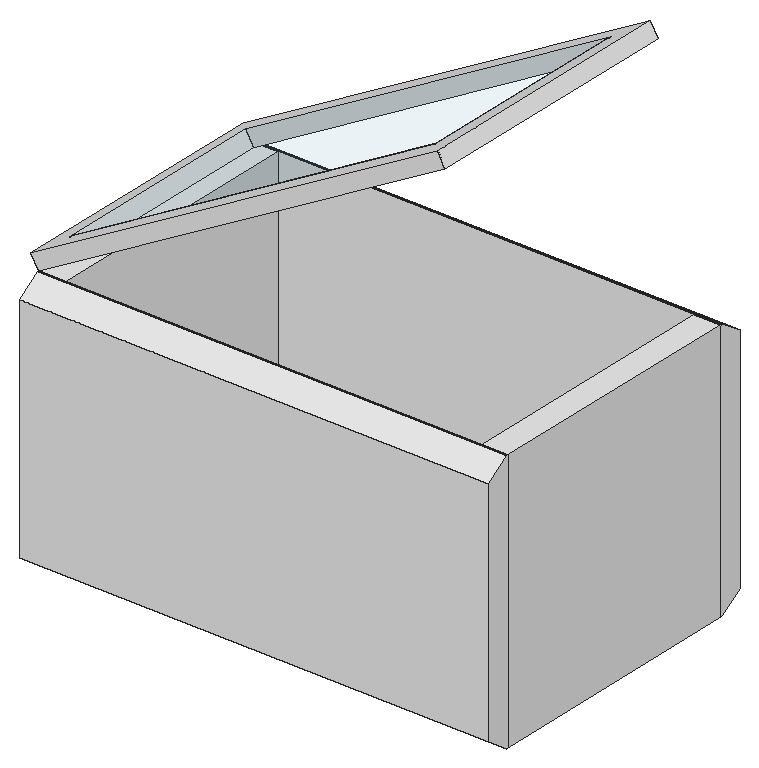
Revit family "Domotics-CablaggioStrutturato-GEWISS-QUADRI_PARETE_19_6U_P400", category Apparecchi elettrici, host Superficie, Revit 2019
Family settings
  Host = Superficie
  Mantenere orientamento annotazione = Sì
  Quota connettore circolare = Usa diametro
  Tipo di parte = Normale
  Taglio con vuoti quando caricato = No
  Condiviso = No
  Punto di calcolo locali = Sì
Parameters (values of type "GW38406 - QUADRO DA PARETE 19' 6U P= 400MM.")
  simbolo in pianta [instance] = yes
  p_quadro = 263 mm
  h_quadro = 400 mm
  d_nome quadro [instance] = 560.553 mm
  a = 15.00°
  Visibilità sportello [instance] = yes
  Versione file RFA = "21.2"
  UnitÃ  di cablaggio = "6 U"
  URL = "https://www.gewiss.com/it/it"
  Tipologia porta = "Reversibile"
  Scheda Tecnica = "https://www.gewiss.com/it/it/search?q=GW38406"
  SEO = "Quadro"
  Default Elevation = 1219.2 mm
  ProfonditÃ  (mm) = "400 mm"
  Produttore = "GEWISS S.p.A."
  Portata statica = "50KG"
  Nome quadro [instance] = "n.quadro"
  N. montanti = "2"
  Modello = "GW38406"
  Materiale = "Acciaio"
  L_quadro = 325 mm
  Immagine tipo = B.jpg
  IDT = "1607453e44e34c9e8499f282ce5acb34"
  IDF = "1b698a6c-7a05-496e-9209-83a3675877ec"
  Grado di protezione = "IP20"
  Finitura = "Bucciata"
  Distanza_x [instance] = 200 mm
  Distanza simbolo [instance] = 0.5 mm
  Distanza effettiva x [instance] = 1000 mm - Distanza_x  # 800 mm
  Dim. esterne BxHxP (mm) = "600x335x400"
  Descrizione = "QUADRO DA PARETE 19 6U P= 400MM."
  Creato da GEWISS S.p.A. = ""
  Colore = "Grigio (RAL 7035)"
  Codice Electrocod = "3752"
  Categoria = "Quadro da parete 19\""
  Catalogo = "DOMOTICS"
  COBie.Tagnumber = ""
  COBie.CreatedOn = ""
  COBie.CreatebBy = ""
  COBie.ComponentRegisterItemID = ""
  COBie.Component.TagNumber = ""
  COBie.Component.Space = ""
  COBie.Component.SerialNumber = ""
  COBie.Component.InstallationDate = ""
  COBie.Component.Description = ""
  COBie.Component.BarCode = ""
  Apertura porta = "180°"
  Apertura [instance] = 30.00°
Reference planes
  plane 1 "Centro (Fronte/Retro)": y = 0
  plane 2: z = 0
  plane 3 "Centro (Sinistra/Destra)": x = 0
  plane 4: x = -1380.34
  plane 5: x = -580.34
Forms (mm)
  Extrusion 1, solid, detail levels coarse
    sketch origin (0, 0, 0) x (1, 0, 0) y (0, 1, 0)
      loop
        line (-10, 0) -> (600, 0) -> (600, 400) -> (-10, 400) -> (-10, 0)
    from 0 to 315.704
Dimensions and locks
  plane 4 to plane 3 "Centro (Sinistra/Destra)" = 1380.34 mm
  "Distanza effettiva x": plane 4 to plane 5
  aligned and locked: host face to plane 2
  aligned and locked: host face to level
  aligned and locked: nested 1 to plane 5
  aligned and locked: plane 3 "Centro (Sinistra/Destra)" to nested 2
  aligned and locked: plane 1 "Centro (Fronte/Retro)" to nested 2
  aligned and locked: Extrusion 1 sketch curve to nested 2  (x3)
  aligned and locked: Extrusion 1 to nested 2
Automatic sketch dimensions
  host sketch curve to host sketch curve = 3398.537 mm
  host sketch curve to host sketch curve = 3619.2 mm
  Extrusion 1 sketch curve to plane 3 "Centro (Sinistra/Destra)" = 10 mm
Nested families
  nested 1: "DATACENTERsimbolo" at (-580.34, 911.19, 0), Distanza dal muro <- "Distanza simbolo", SIMBOLO ACCESO <- "simbolo in pianta", visible <- "simbolo in pianta", type "3P"
    with SIMBOLO ACCESO yes, Distanza dal muro 0.5 mm
  nested 2: "DATACENTER QUADRO PARETE 6U P400mm_base" at (0, 0, 0), type "DATACENTER QUADRO PARETE 6U P400mm_base", detail levels medium+fine
Connectors
  electrical at (300, 400, 167.5)
    settings: on nested 2, index 1, voltage 0 V, apparent load 0 VA, apparent load phase1 0 VA, apparent load phase2 0 VA, apparent load phase3 0 VA, power factor 1, load classification "Altro", number of poles 1, system type 31, power factor state 1, is connector primary yes, connector utility no, sub classification motor no, connector description ""
Definition of nested family "DATACENTER QUADRO PARETE 6U P400mm_base"
  Parameters (values of type "DATACENTER QUADRO PARETE 6U P400mm_base")
    s = 30.00°
    d_piano = 0 mm
    Vetro = none
    Struttura = none
    Sportlello = none
    Sportello visibile = yes
    Profondità quadro = 335 mm  # constant formula
    Larghezza quadro = 600 mm  # constant formula
    Altezza quadro = 400 mm  # constant formula
  Reference planes
    plane 1 "Centro (Fronte/Retro)": y = 0
    plane 2: z = 0
    plane 3 "Centro (Sinistra/Destra)": x = 0
    plane 4: z = 0
    plane 5: z = 26
    plane 6: z = 311
    plane 7: z = 335
    plane 8 "posizione": y = 30
    plane 9: y = 370
    plane 10: y = 400
    plane 11: x = 600
    plane 12: x = 34
    plane 13: x = 566
    plane 14: y = -4.25
    plane 15: y = 404
    plane 16: z = 310.1
    plane 17: z = 280.6
    plane 18: x = 69.137
    plane 19: z = 57.064
    plane 20: z = 555.625
  Forms (mm)
    Extrusion 1, solid, material <- "Struttura"
      sketch origin (0, 0, 0) x (0, 1, 0) y (0, 0, 1)
        loop
          line (30, 335) -> (30, 0) -> (370, 0) -> (370, 335) -> (30, 335)
      from 0 to 34
    Extrusion 2, solid, material <- "Struttura"
      sketch origin (612, 0, 0) x (0, 1, 0) y (0, 0, -1)
        loop
          line (30, -335) -> (370, -335) -> (370, 0) -> (30, 0) -> (30, -335)
      from 12 to 46
    Extrusion 3, solid, material <- "Struttura"
      sketch origin (0, 0, 0) x (0, 1, 0) y (0, 0, 1)
        loop
          line (30, 0) -> (30, 335) -> (27.558, 335) -> (0, 315.704) -> (0, 19.296) -> (27.558, 0) -> (30, 0)
        loop
          line (370, 0) -> (372.442, 0) -> (400, 19.296) -> (400, 315.704) -> (372.442, 335) -> (370, 335) -> (370, 0)
      from 0 to 600
    Extrusion 4, solid, material <- "Struttura"
      sketch origin (0, 0, 0) x (1, 0, 0) y (0, 1, 0)
        loop
          line (34, 370) -> (34, 30) -> (566, 30) -> (566, 370) -> (34, 370)
      from 0 to 26
    Extrusion 5, solid, material <- "Sportlello", visible <- "Sportello visibile"
      sketch origin (731.334, 0, 757.236) x (-0.866025, 0, -0.5) y (0, -1, 0)
        loop
          line (844.471, -30) -> (244.471, -30) -> (244.471, -370) -> (844.471, -370) -> (844.471, -30)
        loop
          line (274.471, -340) -> (814.471, -340) -> (814.471, -60) -> (274.471, -60) -> (274.471, -340)
      from 0 to 20
    Extrusion 6, solid, material <- "Vetro", visible <- "Sportello visibile"
      sketch origin (731.334, 0, 757.236) x (-0.866025, 0, -0.5) y (0, -1, 0)
        loop
          line (814.471, -60) -> (274.471, -60) -> (274.471, -340) -> (814.471, -340) -> (814.471, -60)
      from 0 to 20
  Lines and regions (mm)
    reference lines
      curve 1: line (731.334, 0, 757.236) -> (0, 0, 335)
  Dimensions and locks
    locked: plane 5 to plane 4 at 26
    locked: plane 7 to plane 6 at 24
    "Profondità quadro": plane 7 to plane 4
    "d_piano": plane 4 to plane 2
    locked: plane 1 "Centro (Fronte/Retro)" to plane 8 "posizione" at 30
    locked: plane 9 to plane 10 at 30
    "Altezza quadro": plane 1 "Centro (Fronte/Retro)" to plane 10
    "Larghezza quadro": plane 3 "Centro (Sinistra/Destra)" to plane 11
    locked: plane 3 "Centro (Sinistra/Destra)" to plane 12 at 34
    locked: plane 13 to plane 11 at 34
    plane 9 to Extrusion 2 = 340 mm
    locked: plane 14 to plane 1 "Centro (Fronte/Retro)" at 4.25
    locked: plane 10 to plane 15 at 4
    locked: plane 17 to plane 16 at 29.5
    locked: plane 16 to plane 7 at 24.9
    locked: plane 19 to plane 5 at 31.064
    plane 3 "Centro (Sinistra/Destra)" to Extrusion 4 = 566 mm
    locked: Extrusion 5 sketch curve to curve 1 at 30
    "Larghezza quadro": Extrusion 5 sketch curve to Extrusion 5 sketch curve
    locked: Extrusion 5 sketch curve to Extrusion 5 sketch curve at 30  (x4)
    "s": angle plane 7 to curve 1
    aligned and locked: Extrusion 1 sketch curve to plane 7
    aligned and locked: Extrusion 1 sketch curve to plane 4
    aligned and locked: Extrusion 1 sketch curve to plane 8 "posizione"
    aligned and locked: Extrusion 1 sketch curve to plane 9
    aligned and locked: Extrusion 1 to plane 3 "Centro (Sinistra/Destra)"
    aligned and locked: plane 12 to Extrusion 1
    aligned and locked: plane 13 to Extrusion 2
    aligned and locked: Extrusion 2 to plane 11
    aligned and locked: Extrusion 2 to plane 4
    aligned and locked: plane 7 to Extrusion 2
    aligned and locked: Extrusion 3 sketch curve to plane 8 "posizione"
    aligned and locked: Extrusion 3 sketch curve to plane 7
    aligned and locked: Extrusion 3 sketch curve to plane 1 "Centro (Fronte/Retro)"
    aligned and locked: Extrusion 3 sketch curve to plane 10
    aligned and locked: Extrusion 3 sketch curve to plane 9
    aligned and locked: plane 7 to Extrusion 3 sketch curve
    aligned and locked: Extrusion 3 sketch curve to plane 4
    aligned and locked: Extrusion 3 to plane 3 "Centro (Sinistra/Destra)"
    aligned and locked: Extrusion 3 to plane 11
    aligned and locked: Extrusion 4 sketch curve to plane 12
    aligned and locked: Extrusion 4 sketch curve to plane 9
    aligned and locked: Extrusion 4 sketch curve to plane 8 "posizione"
    aligned and locked: Extrusion 4 sketch curve to plane 13
    aligned and locked: plane 5 to Extrusion 4
    aligned and locked: Extrusion 4 to plane 4
    aligned and locked: curve 1 to Extrusion 3
    aligned and locked: Extrusion 6 sketch curve to Extrusion 5  (x3)
    aligned and locked: Extrusion 5 sketch curve to Extrusion 3
  Automatic sketch dimensions
    plane 7 to Extrusion 2 sketch curve = 0 mm
    Extrusion 2 sketch curve to plane 8 "posizione" = 0 mm
    Extrusion 2 sketch curve to plane 4 = 0 mm
    Extrusion 2 sketch curve to plane 9 = 0 mm
    plane 8 "posizione" to Extrusion 3 sketch curve = 2.442 mm  (x2)
    Extrusion 3 sketch curve to plane 9 = 2.442 mm  (x2)
    Extrusion 3 sketch curve to plane 5 = 6.704 mm  (x2)
    plane 6 to Extrusion 3 sketch curve = 4.704 mm  (x2)
    Extrusion 3 sketch curve to plane 4 = 0 mm
    Extrusion 6 sketch curve to curve 1 = 30 mm
    curve 1 to plane 3 "Centro (Sinistra/Destra)" = 0 mm
    curve 1 to plane 7 = 0 mm
    Extrusion 5 sketch curve to curve 1 = 0 mm
Definition of nested family "DATACENTERsimbolo"
  Parameters (values of type "3P")
    SIMBOLO ACCESO [instance] = yes
    Distanza dal muro [instance] = 0 mm
  Reference planes
    plane 1: y = 0
    plane 2: x = 0
  Dimensions and locks
    "Distanza dal muro": plane 1 to nested 1
    aligned and locked: plane 2 to nested 1
  Nested families
    nested 1: "DATACENTERsimbolo.base" at (0, 0, 0), type "3P"
      with CORNICE SIMBOLO yes
  Definition of nested family "DATACENTERsimbolo.base"
    Parameters (values of type "3P")
      Testo = ""
      CORNICE SIMBOLO [instance] = yes
      3P = yes
    Reference planes
      plane 1: y = 0
      plane 2: x = 0
    Lines and regions (mm)
      detail lines
        curve 1: line (6.852, 3.426, 0) -> (8.859, 3.426, 0)
        curve 2: line (8.859, 3.426, 0) -> (8.859, 0, 0)
        curve 3: line (8.859, 0, 0) -> (6.852, 0, 0)
        curve 4: line (6.852, 0, 0) -> (0, 3.426, 0)
        curve 5: line (0, 3.426, 0) -> (3.027, 3.426, 0)
        curve 6: line (3.027, 3.426, 0) -> (6.852, 3.426, 0)
        curve 7: line (6.852, 3.426, 0) -> (6.852, 0, 0)
        curve 8: line (6.852, 0, 0) -> (0, 0, 0)
        curve 9: line (0, 0, 0) -> (0, 3.426, 0)
        curve 10: line (7.856, 1.713, 0) -> (7.856, 2.67, 0)
        curve 11: line (8.526, 0.756, 0) -> (8.526, 1.713, 0)
        curve 12: line (8.526, 1.713, 0) -> (7.185, 1.713, 0)
        curve 13: line (7.185, 1.713, 0) -> (7.185, 0.756, 0)
    Text (mm)
      label "RJ" at (7.87, 1.29, 0), shows "Testo"
    Nested families
      nested 1: "testo_simb" at (7.89, 1.134, 0), type "3P"
        with SIMBOLO ACCESO yes, Distanza dal muro 0 mm
      nested 2: "testo_simb" at (7.855, 0, 0), type "3P"
        with SIMBOLO ACCESO yes, Distanza dal muro 0 mm
      nested 3: "testo_simb" at (7.855, 0, 0), type "3P"
        with SIMBOLO ACCESO yes, Distanza dal muro 0 mm
      nested 4: "testo_simb" at (7.855, 0, 0), type "3P"
        with SIMBOLO ACCESO yes, Distanza dal muro 0 mm
      nested 5: "testo_simb" at (7.855, 0, 0), type "3P"
        with SIMBOLO ACCESO yes, Distanza dal muro 0 mm
    Definition of nested family "testo_simb"
      Parameters (values of type "3P")
        testo simb = ""
        SIMBOLO ACCESO [instance] = yes
        Distanza dal muro [instance] = 0 mm
      Reference planes
        plane 1: y = 0
        plane 2: x = 0
      Text (mm)
        label "RJ" at (0.02, 0.123, 0), shows "testo simb"
